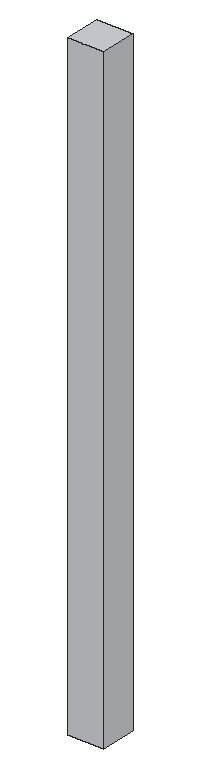
Revit family "Column", category Structural Columns, Revit 2026
Family settings
  Section Shape = Not Defined
  Material for Model Behavior = Other
  Always export as geometry = No
  Beam cutback in plan = From bounding box
  Classification Number = 23.25.30.11.14.11
  Cut with Voids When Loaded = No
  Symbolic Representation = From Family
  Shared = No
  Show family pre-cut in plan views = Yes
Parameters (values of type "200x200")
  Structural Material [instance] = Concrete, Cast-in-Place - C35
  Depth = 200 mm
  Width = 200 mm
Types (11, lengths in mm): name | Depth | Width
  200x200 | 200 | 200
  360x200 | 200 | 360
  200x1090 | 200 | 1090
  200x760 | 200 | 760
  200x380 | 200 | 380
  200x300 | 200 | 300
  200x580 | 200 | 580
  200x640 | 200 | 640
  250x250 | 250 | 250
  330x360 | 360 | 330
  200x360 | 360 | 200
Reference planes
  plane 1 "Center (Front/Back)": y = 0
  plane 2: z = 0
  plane 3 "Center (Left/Right)": x = 0
  plane 4 "Left": x = -250
  plane 5 "Right": x = 250
  plane 6 "Back": y = 250
  plane 7 "Front": y = -250
Forms (mm)
  Extrusion 1, solid
    sketch origin (0, 0, 0) x (1, 0, 0) y (0, 1, 0)
      loop
        line (-100, 100) -> (-100, -100) -> (100, -100) -> (100, 100) -> (-100, 100)
    from 0 to 3500
Dimensions and locks
  equal spacing: plane 4 "Left", plane 3 "Center (Left/Right)", plane 5 "Right"
  equal spacing: plane 7 "Front", plane 1 "Center (Front/Back)", plane 6 "Back"
  "Width": Extrusion 1 to Extrusion 1
  "Depth": Extrusion 1 to Extrusion 1
  aligned and locked: level to plane 2
Automatic sketch dimensions
  Extrusion 1 sketch curve to plane 3 "Center (Left/Right)" = 100 mm
  plane 3 "Center (Left/Right)" to Extrusion 1 sketch curve = 100 mm
  plane 1 "Center (Front/Back)" to Extrusion 1 sketch curve = 100 mm
  Extrusion 1 sketch curve to plane 1 "Center (Front/Back)" = 100 mm
